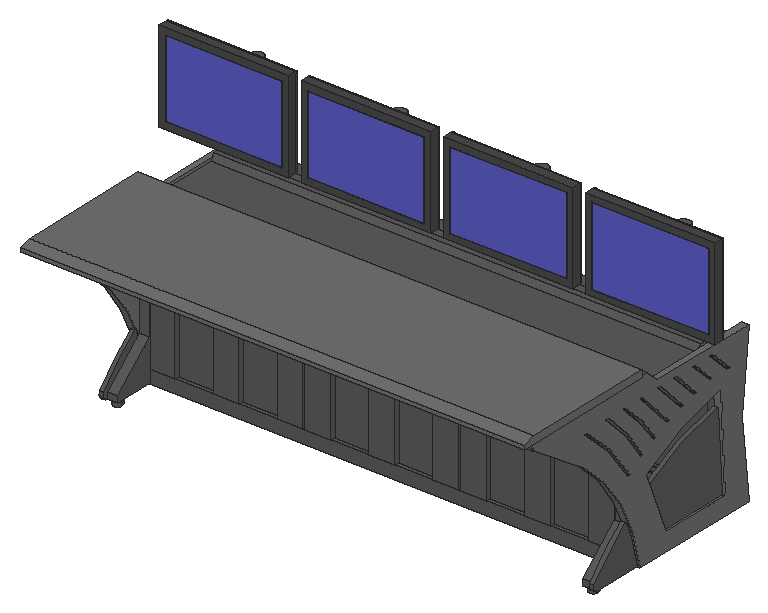
Revit family
Parameters (values of type "72" Chase")
  Worksurface Material = Truform PVC - Winsted Corporation - SG - Shark Grey
  Width = 3' - 7 3/4"
  VIZ 48" = or(Length = 4' 6", Length = 6' 6")  # yes
  VIZ 72" = Length = 6' 6"  # yes
  URL = "www.winsted.com"
  Type Comments = "72 Inch Sight-Line Console"
  Side Panel Material = Truform PVC - Winsted Corporation - SG - Shark Grey
  Product Page URL = "http://catalog2012.winsted.com/full.asp?page=12"
  Product Documentation Link = "http://winsted.com/resources_ae_a4.htm"
  No of Monitor Posts = 4
  No of Brackets = Length / 2' 0" + 1  # 4
  Monitor Post Spacing = if(or(Length = 6' 6", Length = 4' 6"), ((Length - 0' 6") - 2 * Monitor Post Offset) / (No of Monitor Posts - 1), 0' 0 3/256")  # 1' - 10"
  Monitor Post Offset = 0' - 3"
  Model = "W5721"
  Manufacturer = "Winsted Corporation"  # constant formula
  Length = 6' - 6"
  Keynote = "72 Inch Sight-Line Console"
  Height = 2' - 4 1/2"
  Description = "72 Inch Sight-Line Console comes with four monitor mounts."
  Console Material = Powder Coating - Winsted Corporation - BL - Black
  Assembly Code = "E2020200"
Reference planes (in)
  plane 1 "Center Front/Back": y = 0
  plane 2: z = 0
  plane 3 "Center Left/Right": x = 0
  plane 4 "Left Side": x = -39
  plane 5 "Right Side": x = 39
  plane 6 "Chase Right": x = 36
  plane 7 "Chase Left": x = -36
  plane 8 "Front Side": y = -43.75
  plane 9: z = 28.5
  plane 10 "End Frame Left": x = -37.625
  plane 11 "End Frame Right": x = 37.625
  plane 12 "End Panel Left": x = -38.625
  plane 13 "End Panel Right": x = 38.625
  plane 14 "WS Base": z = 27.375
  plane 15 "WS Rear": y = -21
  plane 16 "Chase Base": z = 0.875
  plane 17: y = -28.6875
  plane 18: y = -1.5503
  plane 19: y = -22.5503
  plane 20: z = 24.375
  plane 21: z = 22.281
  plane 22: z = 2.969
  plane 23: x = -38.25
  plane 24: x = 38.25
  plane 25: x = -36.8125
  plane 26: x = 36.8125
  plane 27: y = -27.625
  plane 28: y = -2.8003
  plane 29: z = 0.5625
Forms (in)
  Extrusion 1, solid, material "Truform PVC - Winsted Corporation - SG - Shark Grey" <- "Worksurface Material", detail levels medium+fine
    sketch origin (-39, 0, 0) x (0, 1, 0) y (0, 0, 1)
      loop
        line (-21, 27.375) -> (-21, 28.5) -> (-41.99681, 28.5) -> (-43.75, 27.93698) -> (-43.75, 27.375) -> (-21, 27.375)
    from 0 to 78
  Sweep 2, solid, material "Powder Coating - Winsted Corporation - BL - Black" <- "Console Material", detail levels medium+fine
    path origin (0, -22.5503, 24.375) x (-1, 0, 0) y (0, -1, 0)
      loop
        line (36, 0) -> (-36, 0)
    profile origin (-36, -22.5503, 24.375) x (0, 1, 0) y (0, 0, 1)
      loop
        line (19.09, -0.75) -> (19.09, -0.6454) -> (18.8446, -0.6454) -> (18.8446, -0.1046) -> (20.8954, -0.1046) -> (20.8954, -1.9894) -> (19.396, -1.9894) -> (19.396, -2.094) -> (21, -2.094) -> (21, 0) -> (18.74, 0) -> (18.74, -0.75) -> (19.09, -0.75)
      loop
        line (19.09, -22.75) -> (18.74, -22.75) -> (18.74, -23.5) -> (21, -23.5) -> (21, -21.406) -> (19.396, -21.406) -> (19.396, -21.5106) -> (20.8954, -21.5106) -> (20.8954, -23.3954) -> (18.8446, -23.3954) -> (18.8446, -22.8546) -> (19.09, -22.8546) -> (19.09, -22.75)
      loop
        line (1.91, -0.6454) -> (1.91, -0.75) -> (2.26, -0.75) -> (2.26, 0) -> (0, 0) -> (0, -2.094) -> (1.604, -2.094) -> (1.604, -1.9894) -> (0.1046, -1.9894) -> (0.1046, -0.1046) -> (2.1554, -0.1046) -> (2.1554, -0.6454) -> (1.91, -0.6454)
      loop
        line (1.91, -22.8546) -> (2.1554, -22.8546) -> (2.1554, -23.3954) -> (0.1046, -23.3954) -> (0.1046, -21.5106) -> (1.604, -21.5106) -> (1.604, -21.406) -> (0, -21.406) -> (0, -23.5) -> (2.26, -23.5) -> (2.26, -22.75) -> (1.91, -22.75) -> (1.91, -22.8546)
  Sweep 3, solid, material "Powder Coating - Winsted Corporation - BL - Black" <- "Console Material", detail levels medium+fine
    path origin (0, -22.5503, 24.375) x (-1, 0, 0) y (0, -1, 0)
      loop
        line (37.625, 0) -> (-37.625, 0)
    profile origin (-37.625, -22.5503, 24.375) x (0, 1, 0) y (0, 0, 1)
      loop
        line (0, 0) -> (1.89072, 0) -> (1.89072, 2.94321) -> (2.85254, 2.94321) -> (5.30543, 0.52928) -> (5.47988, 0.67831) -> (13.8629, 0.67831) -> (14.61119, 1.42954) -> (15.55227, 1.42954) -> (15.55227, 1.49204) -> (14.58523, 1.49204) -> (13.83694, 0.74081) -> (5.45682, 0.74081) -> (5.30841, 0.61403) -> (2.88393, 3) -> (1.82822, 3) -> (1.82822, 0.0625) -> (0, 0.0625) -> (0, 0)
      loop
        line (15.56488, 0.24902) -> (15.56488, -1.25) -> (18.5659, -1.25) -> (18.5659, 0.24902) -> (15.56488, 0.24902)
  Sweep 4, solid, material "Powder Coating - Winsted Corporation - BL - Black" <- "Console Material", detail levels fine
    path origin (0, 0, 0.875) x (0, 1, 0) y (-1, 0, 0)
      loop
        line (-22.5503, 36) -> (-22.5503, -36)
    profile origin (-36, -22.5503, 0.875) x (0, 1, 0) y (0, 0, 1)
      loop
        line (19.33614, 0.26631) -> (19.39314, 0.26631) -> (19.39314, 0.89631) -> (1.64314, 0.89631) -> (1.64314, 0.26631) -> (1.70614, 0.26631) -> (1.70614, 0.82831) -> (19.33614, 0.82831) -> (19.33614, 0.26631)
  Sweep 5, solid, material "Powder Coating - Winsted Corporation - BL - Black" <- "Console Material", detail levels fine
    path origin (0, -22.5503, 7.35044) x (0, 0, -1) y (-1, 0, 0)
      loop
        line (-14.93056, 36) -> (4.38144, 36)
    profile origin (-36, -22.5503, 22.281) x (0, 1, 0) y (-1, 0, 0)
      loop
        line (21, -23.81295) -> (21, -19.81296) -> (20.325, -19.81296) -> (20.325, -13.90647) -> (21, -13.90647) -> (21, -9.90648) -> (20.325, -9.90648) -> (20.325, -3.99999) -> (21, -3.99999) -> (21, 0) -> (20, 0) -> (20, -23.80935) -> (21, -23.81295)
      loop
        line (0, -23.81295) -> (1, -23.80935) -> (1, 0) -> (0, 0) -> (0, -3.99999) -> (0.675, -3.99999) -> (0.675, -9.90648) -> (0, -9.90648) -> (0, -13.90647) -> (0.675, -13.90647) -> (0.675, -19.81296) -> (0, -19.81296) -> (0, -23.81295)
  Sweep 6, solid, material "Powder Coating - Winsted Corporation - BL - Black" <- "Console Material", visible <- "VIZ 72"", detail levels fine
    path origin (24.09352, -22.5503, 7.35044) x (0, 0, -1) y (-1, 0, 0)
      loop
        line (-14.93056, 24.09352) -> (4.38144, 24.09352)
    profile origin (0, -22.5503, 22.281) x (0, 1, 0) y (-1, 0, 0)
      loop
        line (21, -11.90648) -> (21, -7.90648) -> (20.325, -7.90648) -> (20.325, -2) -> (21, -2) -> (21, 2) -> (20.325, 2) -> (20.325, 7.90648) -> (21, 7.90648) -> (21, 11.90648) -> (20, 11.90648) -> (20, -11.90287) -> (21, -11.90648)
      loop
        line (0, -11.90648) -> (1, -11.90287) -> (1, 11.90648) -> (0, 11.90648) -> (0, 7.90648) -> (0.675, 7.90648) -> (0.675, 2) -> (0, 2) -> (0, -2) -> (0.675, -2) -> (0.675, -7.90648) -> (0, -7.90648) -> (0, -11.90648)
  Sweep 7, solid, material "Powder Coating - Winsted Corporation - BL - Black" <- "Console Material", visible <- "VIZ 48"", detail levels fine
    path origin (0, -22.5503, 7.35044) x (0, 0, -1) y (-1, 0, 0)
      loop
        line (-14.93056, -36) -> (4.38144, -36)
    profile origin (36, -22.5503, 22.281) x (0, 1, 0) y (-1, 0, 0)
      loop
        line (21, 23.81295) -> (20, 23.80935) -> (20, 0) -> (21, 0) -> (21, 3.99999) -> (20.325, 3.99999) -> (20.325, 9.90648) -> (21, 9.90648) -> (21, 13.90647) -> (20.325, 13.90647) -> (20.325, 19.81296) -> (21, 19.81296) -> (21, 23.81295)
      loop
        line (0, 23.81295) -> (0, 19.81296) -> (0.675, 19.81296) -> (0.675, 13.90647) -> (0, 13.90647) -> (0, 9.90648) -> (0.675, 9.90648) -> (0.675, 3.99999) -> (0, 3.99999) -> (0, 0) -> (1, 0) -> (1, 23.80935) -> (0, 23.81295)
  Extrusion 8, solid, material "Powder Coating - Winsted Corporation - BL - Black" <- "Console Material", detail levels fine
    sketch origin (-37.625, 60, 48) x (0, 1, 0) y (0, 0, 1)
      loop
        line (-80.72208, -20.625) -> (-94.5733, -20.625) -> (-82.58788, -23.5625) -> (-80.72208, -23.5625) -> (-80.72208, -20.625)
    from 0 to 1
  Extrusion 9, solid, material "Powder Coating - Winsted Corporation - BL - Black" <- "Console Material", detail levels fine
    sketch origin (36.625, 60, 48) x (0, 1, 0) y (0, 0, 1)
      loop
        line (-80.72208, -20.625) -> (-94.5733, -20.625) -> (-82.58788, -23.5625) -> (-80.72208, -23.5625) -> (-80.72208, -20.625)
    from 0 to 1
  Extrusion 10, solid, material "Powder Coating - Winsted Corporation - BL - Black" <- "Console Material", detail levels medium+fine
    sketch origin (0, 0, 0) x (1, 0, 0) y (0, 1, 0)
      loop
        circle (-36.8125, -2.8003) r 0.6875
    from 0 to 0.5625
  Extrusion 11, solid, material "Powder Coating - Winsted Corporation - BL - Black" <- "Console Material", detail levels medium+fine
    sketch origin (0, 51.606, 0.5625) x (0, 1, 0) y (-1, 0, 0)
      loop
        circle (-54.4063, 36.8125) r 0.25
    from 0 to 0.3125
  Extrusion 12, solid, material "Powder Coating - Winsted Corporation - BL - Black" <- "Console Material", detail levels medium+fine
    sketch origin (0, -24.8247, 0) x (1, 0, 0) y (0, 1, 0)
      loop
        circle (-36.8125, -2.8003) r 0.6875
    from 0 to 0.5625
  Extrusion 13, solid, material "Powder Coating - Winsted Corporation - BL - Black" <- "Console Material", detail levels medium+fine
    sketch origin (0, 26.7813, 0.5625) x (0, 1, 0) y (-1, 0, 0)
      loop
        circle (-54.4063, 36.8125) r 0.25
    from 0 to 0.3125
  Extrusion 14, solid, material "Powder Coating - Winsted Corporation - BL - Black" <- "Console Material", detail levels medium+fine
    sketch origin (73.625, -24.8247, 0) x (1, 0, 0) y (0, 1, 0)
      loop
        circle (-36.8125, -2.8003) r 0.6875
    from 0 to 0.5625
  Extrusion 15, solid, material "Powder Coating - Winsted Corporation - BL - Black" <- "Console Material", detail levels medium+fine
    sketch origin (73.625, 26.7813, 0.5625) x (0, 1, 0) y (-1, 0, 0)
      loop
        circle (-54.4063, 36.8125) r 0.25
    from 0 to 0.3125
  Extrusion 16, solid, material "Powder Coating - Winsted Corporation - BL - Black" <- "Console Material", detail levels medium+fine
    sketch origin (73.625, 0, 0) x (1, 0, 0) y (0, 1, 0)
      loop
        circle (-36.8125, -2.8003) r 0.6875
    from 0 to 0.5625
  Extrusion 17, solid, material "Powder Coating - Winsted Corporation - BL - Black" <- "Console Material", detail levels medium+fine
    sketch origin (73.625, 51.606, 0.5625) x (0, 1, 0) y (-1, 0, 0)
      loop
        circle (-54.4063, 36.8125) r 0.25
    from 0 to 0.3125
  Extrusion 18, solid, material "Powder Coating - Winsted Corporation - BL - Black" <- "Console Material", detail levels coarse
    sketch origin (0, 0, 0) x (1, 0, 0) y (0, 1, 0)
      loop
        line (-39, 0) -> (-39, -43.75) -> (39, -43.75) -> (39, 0) -> (-39, 0)
    from 0 to 28.5
  Sweep 19, solid, material "Truform PVC - Winsted Corporation - SG - Shark Grey" <- "Side Panel Material", detail levels medium+fine
    path origin (0, 0, 0) x (1, 0, 0) y (0, 1, 0)
      loop
        line (-37.625, 0) -> (-38.625, 0)
    profile origin (-38.125, 0, 0) x (0, -1, 0) y (0, 0, 1)
      loop
        line (41.03304, 27.375) -> (19.66637, 27.375) -> (17.66485, 25.40527) -> (-0.00386, 25.40527)
        arc (-0.00386, 25.40527) -> (1.20558, 13.14014) -> (-0.00386, 0.875) r 62.79641
        line (-0.00386, 0.875) -> (21.02642, 0.875)
        arc (21.02642, 0.875) -> (24.70933, 11.19995) -> (31.83691, 19.52856) r 30.18289
        line (31.83691, 19.52856) -> (41.44873, 26.00781)
        arc (41.44873, 26.00781) -> (41.74753, 26.84545) -> (41.03304, 27.375) r 0.74679
      loop
        line (4.62012, 3.71826) -> (15.99854, 3.71826)
        arc (15.99854, 3.71826) -> (17.6989, 8.54121) -> (19.79443, 13.20605) r 61.44575
        arc (19.79443, 13.20605) -> (12.86539, 16.7415) -> (5.37891, 18.85421) r 39.60031
        arc (5.37891, 18.85421) -> (5.35251, 11.26854) -> (4.62012, 3.71826) r 81.40343
      loop
        line (7.5625, 24.36768) -> (7, 24.37207)
        arc (7, 24.37207) -> (5.27394, 22.72095) -> (3.64404, 20.97485) r 42.2132
        line (3.64404, 20.97485) -> (4.14795, 20.97485)
        arc (4.14795, 20.97485) -> (5.8021, 22.72473) -> (7.5625, 24.36768) r 38.46712
      loop
        line (10.94385, 24.36621) -> (10.38135, 24.37061)
        arc (10.38135, 24.37061) -> (8.65529, 22.71949) -> (7.02539, 20.97339) r 42.2132
        line (7.02539, 20.97339) -> (7.5293, 20.97339)
        arc (7.5293, 20.97339) -> (9.18345, 22.72326) -> (10.94385, 24.36621) r 38.46712
      loop
        line (14.5835, 24.36816) -> (14.02051, 24.3728)
        arc (14.02051, 24.3728) -> (12.02997, 22.45459) -> (10.17334, 20.40649) r 40.96486
        line (10.17334, 20.40649) -> (10.5835, 20.30151)
        arc (10.5835, 20.30151) -> (12.50493, 22.41212) -> (14.5835, 24.36816) r 36.95997
      loop
        line (17.68701, 24.37256) -> (17.12793, 24.36694)
        arc (17.12793, 24.36694) -> (14.82712, 22.1054) -> (12.69287, 19.68604) r 45.35976
        line (12.69287, 19.68604) -> (13.06738, 19.56812)
        arc (13.06738, 19.56812) -> (15.2962, 22.04822) -> (17.68701, 24.37256) r 49.47622
      loop
        line (21.06104, 24.37061) -> (20.49805, 24.37524)
        arc (20.49805, 24.37524) -> (17.78996, 21.66316) -> (15.32715, 18.72656) r 44.1757
        line (15.32715, 18.72656) -> (15.68359, 18.58691)
        arc (15.68359, 18.58691) -> (18.22744, 21.61346) -> (21.06104, 24.37061) r 39.50829
      loop
        line (24.44189, 24.3689) -> (23.87207, 24.37354)
        arc (23.87207, 24.37354) -> (20.6836, 21.15692) -> (17.88184, 17.59839) r 39.73986
        line (17.88184, 17.59839) -> (18.21582, 17.43701)
        arc (18.21582, 17.43701) -> (21.12386, 21.08708) -> (24.44189, 24.3689) r 39.52041
      loop
        line (27.81592, 24.36743) -> (27.24609, 24.37207)
        arc (27.24609, 24.37207) -> (23.53278, 20.5518) -> (20.37061, 16.26416) r 39.27757
        line (20.37061, 16.26416) -> (20.68848, 16.08276)
        arc (20.68848, 16.08276) -> (23.95579, 20.4801) -> (27.81592, 24.36743) r 38.37755
      loop
        line (31.74561, 24.03979) -> (31.18604, 24.06006)
        arc (31.18604, 24.06006) -> (26.68445, 19.6846) -> (22.9541, 14.6355) r 38.48474
        line (22.9541, 14.6355) -> (23.23975, 14.41748)
        arc (23.23975, 14.41748) -> (27.08887, 19.5856) -> (31.74561, 24.03979) r 38.52314
  Sweep 20, solid, material "Truform PVC - Winsted Corporation - SG - Shark Grey" <- "Side Panel Material", detail levels medium+fine
    path origin (0, 0, 0) x (-1, 0, 0) y (0, 1, 0)
      loop
        line (-37.625, 0) -> (-38.625, 0)
    profile origin (38.125, 0, 0) x (0, 1, 0) y (0, 0, 1)
      loop
        arc (-41.03304, 27.375) -> (-41.74753, 26.84545) -> (-41.44873, 26.00781) r 0.74679
        line (-41.44873, 26.00781) -> (-31.83691, 19.52856)
        arc (-31.83691, 19.52856) -> (-24.70933, 11.19995) -> (-21.02642, 0.875) r 30.18289
        line (-21.02642, 0.875) -> (0.00386, 0.875)
        arc (0.00386, 0.875) -> (-1.20558, 13.14014) -> (0.00386, 25.40527) r 62.79641
        line (0.00386, 25.40527) -> (-17.66485, 25.40527) -> (-19.66637, 27.375) -> (-41.03304, 27.375)
      loop
        arc (-4.62012, 3.71826) -> (-5.35251, 11.26854) -> (-5.37891, 18.85421) r 81.40343
        arc (-5.37891, 18.85421) -> (-12.86539, 16.7415) -> (-19.79443, 13.20605) r 39.60031
        arc (-19.79443, 13.20605) -> (-17.6989, 8.54121) -> (-15.99854, 3.71826) r 61.44575
        line (-15.99854, 3.71826) -> (-4.62012, 3.71826)
      loop
        arc (-7.5625, 24.36768) -> (-5.8021, 22.72473) -> (-4.14795, 20.97485) r 38.46712
        line (-4.14795, 20.97485) -> (-3.64404, 20.97485)
        arc (-3.64404, 20.97485) -> (-5.27394, 22.72095) -> (-7, 24.37207) r 42.2132
        line (-7, 24.37207) -> (-7.5625, 24.36768)
      loop
        arc (-10.94385, 24.36621) -> (-9.18345, 22.72326) -> (-7.5293, 20.97339) r 38.46712
        line (-7.5293, 20.97339) -> (-7.02539, 20.97339)
        arc (-7.02539, 20.97339) -> (-8.65529, 22.71949) -> (-10.38135, 24.37061) r 42.2132
        line (-10.38135, 24.37061) -> (-10.94385, 24.36621)
      loop
        arc (-14.5835, 24.36816) -> (-12.50493, 22.41212) -> (-10.5835, 20.30151) r 36.95997
        line (-10.5835, 20.30151) -> (-10.17334, 20.40649)
        arc (-10.17334, 20.40649) -> (-12.02997, 22.45459) -> (-14.02051, 24.3728) r 40.96486
        line (-14.02051, 24.3728) -> (-14.5835, 24.36816)
      loop
        arc (-17.68701, 24.37256) -> (-15.2962, 22.04822) -> (-13.06738, 19.56812) r 49.47622
        line (-13.06738, 19.56812) -> (-12.69287, 19.68604)
        arc (-12.69287, 19.68604) -> (-14.82712, 22.1054) -> (-17.12793, 24.36694) r 45.35976
        line (-17.12793, 24.36694) -> (-17.68701, 24.37256)
      loop
        arc (-21.06104, 24.37061) -> (-18.22744, 21.61346) -> (-15.68359, 18.58691) r 39.50829
        line (-15.68359, 18.58691) -> (-15.32715, 18.72656)
        arc (-15.32715, 18.72656) -> (-17.78996, 21.66316) -> (-20.49805, 24.37524) r 44.1757
        line (-20.49805, 24.37524) -> (-21.06104, 24.37061)
      loop
        arc (-24.44189, 24.3689) -> (-21.12386, 21.08708) -> (-18.21582, 17.43701) r 39.52041
        line (-18.21582, 17.43701) -> (-17.88184, 17.59839)
        arc (-17.88184, 17.59839) -> (-20.6836, 21.15692) -> (-23.87207, 24.37354) r 39.73986
        line (-23.87207, 24.37354) -> (-24.44189, 24.3689)
      loop
        arc (-27.81592, 24.36743) -> (-23.95579, 20.4801) -> (-20.68848, 16.08276) r 38.37755
        line (-20.68848, 16.08276) -> (-20.37061, 16.26416)
        arc (-20.37061, 16.26416) -> (-23.53278, 20.5518) -> (-27.24609, 24.37207) r 39.27757
        line (-27.24609, 24.37207) -> (-27.81592, 24.36743)
      loop
        arc (-31.74561, 24.03979) -> (-27.08887, 19.5856) -> (-23.23975, 14.41748) r 38.52314
        line (-23.23975, 14.41748) -> (-22.9541, 14.6355)
        arc (-22.9541, 14.6355) -> (-26.68445, 19.6846) -> (-31.18604, 24.06006) r 38.48474
        line (-31.18604, 24.06006) -> (-31.74561, 24.03979)
  Sweep 21, solid, material "Powder Coating - Winsted Corporation - BL - Black" <- "Console Material", detail levels medium+fine
    path origin (0, 0, 0) x (1, 0, 0) y (0, 1, 0)
      loop
        line (-37.625, -1.5503) -> (-36, -1.5503)
    profile origin (-36.8125, -1.5503, 0) x (0, 1, 0) y (0, 0, 1)
      loop
        line (0, 0.875) -> (0, 24.375) -> (-2.25, 24.375) -> (-2.25, 23.125) -> (-13.875, 23.125) -> (-13.875, 24.375) -> (-21, 24.375) -> (-21, 7.35044) -> (-27.1372, 1.8336) -> (-27.1372, 0.875) -> (0, 0.875)
      loop
        line (-18.24999, 3.44055) -> (-3.05801, 3.44055) -> (-3.05801, 20.875) -> (-18.25013, 20.875) -> (-18.24999, 3.44055)
  Sweep 22, solid, material "Powder Coating - Winsted Corporation - BL - Black" <- "Console Material", detail levels medium+fine
    path origin (0, 0, 0) x (-1, 0, 0) y (0, 1, 0)
      loop
        line (-37.625, -1.5503) -> (-36, -1.5503)
    profile origin (36.8125, -1.5503, 0) x (0, -1, 0) y (0, 0, 1)
      loop
        line (0, 0.875) -> (27.1372, 0.875) -> (27.1372, 1.8336) -> (21, 7.35044) -> (21, 24.375) -> (13.875, 24.375) -> (13.875, 23.125) -> (2.25, 23.125) -> (2.25, 24.375) -> (0, 24.375) -> (0, 0.875)
      loop
        line (18.24999, 3.44055) -> (18.25013, 20.875) -> (3.05801, 20.875) -> (3.05801, 3.44055) -> (18.24999, 3.44055)
  Sweep 23, solid, material "Powder Coating - Winsted Corporation - BL - Black" <- "Console Material", detail levels fine
    path origin (0, 0, 0) x (1, 0, 0) y (0, 1, 0)
      loop
        line (-38.25, 0) -> (-37.625, 0)
    profile origin (-37.9375, 0, 0) x (0, 1, 0) y (0, 0, 1)
      loop
        line (-28.67129, 0.875) -> (-21.02642, 0.875)
        arc (-21.02642, 0.875) -> (-21.86574, 4.57707) -> (-23.1631, 8.14451) r 30.18289
        arc (-23.1631, 8.14451) -> (-26.40516, 5.25248) -> (-29.30898, 2.021) r 39.3879
        arc (-29.30898, 2.021) -> (-29.32129, 1.26372) -> (-28.67129, 0.875) r 0.7568
      loop
        line (-15.99854, 3.71655) -> (-4.62012, 3.71655)
        arc (-4.62012, 3.71655) -> (-5.27412, 9.9228) -> (-5.45076, 16.16092) r 81.40368
        arc (-5.45076, 16.16092) -> (-12.36426, 14.27553) -> (-18.8209, 11.167) r 39.32924
        arc (-18.8209, 11.167) -> (-17.28886, 7.48756) -> (-15.99854, 3.71655) r 61.45567
  Sweep 24, solid, material "Powder Coating - Winsted Corporation - BL - Black" <- "Console Material", detail levels fine
    path origin (0, 0, 0) x (-1, 0, 0) y (0, 1, 0)
      loop
        line (-38.25, 0) -> (-37.625, 0)
    profile origin (37.9375, 0, 0) x (0, -1, 0) y (0, 0, 1)
      loop
        arc (28.67129, 0.875) -> (29.32129, 1.26372) -> (29.30898, 2.021) r 0.7568
        arc (29.30898, 2.021) -> (26.40516, 5.25248) -> (23.1631, 8.14451) r 39.3879
        arc (23.1631, 8.14451) -> (21.86574, 4.57707) -> (21.02642, 0.875) r 30.18289
        line (21.02642, 0.875) -> (28.67129, 0.875)
      loop
        arc (15.99854, 3.71655) -> (17.28886, 7.48756) -> (18.8209, 11.167) r 61.45567
        arc (18.8209, 11.167) -> (12.36426, 14.27553) -> (5.45076, 16.16092) r 39.32924
        arc (5.45076, 16.16092) -> (5.27412, 9.9228) -> (4.62012, 3.71655) r 81.40368
        line (4.62012, 3.71655) -> (15.99854, 3.71655)
  Extrusion 25, solid, material "Powder Coating - Winsted Corporation - BL - Black" <- "Console Material", detail levels fine
    sketch origin (-12.875, 60, 48) x (0, 1, 0) y (0, 0, 1)
      loop
        line (-80.72208, -20.625) -> (-94.5733, -20.625) -> (-82.58788, -23.5625) -> (-80.72208, -23.5625) -> (-80.72208, -20.625)
    from 0 to 1
  Extrusion 26, solid, material "Powder Coating - Winsted Corporation - BL - Black" <- "Console Material", detail levels fine
    sketch origin (11.875, 60, 48) x (0, 1, 0) y (0, 0, 1)
      loop
        line (-80.72208, -20.625) -> (-94.5733, -20.625) -> (-82.58788, -23.5625) -> (-80.72208, -23.5625) -> (-80.72208, -20.625)
    from 0 to 1
Lines and regions (in)
  Masking region 1
    outline origin (0, 0, 0) x (1, 0, 0) y (0, 1, 0)
      loop
        line (37.625, -1.5503) -> (-37.625, -1.5503) -> (-37.625, 0.00386) -> (-38.625, 0.00386) -> (-38.625, -21) -> (-39, -21) -> (-39, -43.75) -> (39, -43.75) -> (39, -21) -> (38.625, -21) -> (38.625, 0) -> (37.625, 0) -> (37.625, -1.5503)
  Masking region 2
    outline origin (-39, 0, 0) x (0, 1, 0) y (0, 0, 1)
      loop
        arc (0.00386, 0.875) -> (-1.20558, 13.14014) -> (0.00386, 25.40527) r 62.79641
        line (0.00386, 25.40527) -> (-17.66485, 25.40527) -> (-19.66637, 27.375) -> (-21, 27.375) -> (-21, 28.5) -> (-41.99681, 28.5) -> (-43.75, 27.93698) -> (-43.75, 27.375) -> (-41.03304, 27.375)
        arc (-41.03304, 27.375) -> (-41.74753, 26.84545) -> (-41.44873, 26.00781) r 0.74679
        line (-41.44873, 26.00781) -> (-31.83691, 19.52856)
        arc (-31.83691, 19.52856) -> (-26.8155, 14.35808) -> (-23.1631, 8.14451) r 30.18289
        arc (-23.1631, 8.14451) -> (-26.40516, 5.25248) -> (-29.30898, 2.021) r 39.3879
        arc (-29.30898, 2.021) -> (-29.32129, 1.26372) -> (-28.67129, 0.875) r 0.7568
        line (-28.67129, 0.875) -> (0.00386, 0.875)
  Masking region 3
    outline origin (0, -43.75, 0) x (1, 0, 0) y (0, 0, 1)
      loop
        line (-39, 28.5) -> (-39, 27.375) -> (-38.625, 27.375) -> (-38.625, 0.875) -> (38.625, 0.875) -> (38.625, 27.375) -> (39, 27.375) -> (39, 28.5) -> (-39, 28.5)
  symbolic lines, detail levels medium+fine
    curve 1: line (-39, -41.99681, 0) -> (39, -41.99681, 0)
    curve 2: line (-37.625, -21, 0) -> (-37.625, -1.5503, 0)
    curve 3: line (38.625, -21, 0) -> (-38.625, -21, 0)
    curve 4: line (37.625, -1.5503, 0) -> (37.625, -21, 0)
    curve 14: line (37.625, -6.99803, 0) -> (-37.625, -6.99803, 0)
    curve 15: line (37.625, -3.9844, 0) -> (-37.625, -3.9844, 0)
    curve 19: arc (-39, -5.37891, 18.85421) -> (-39, -5.35251, 11.26854) -> (-39, -4.62012, 3.71826) r 81.40343
    curve 20: arc (-39, -19.79443, 13.20605) -> (-39, -12.86539, 16.7415) -> (-39, -5.37891, 18.85421) r 39.60031
    curve 21: arc (-39, -15.99854, 3.71826) -> (-39, -17.6989, 8.54121) -> (-39, -19.79443, 13.20605) r 61.44575
    curve 22: line (-39, -4.62012, 3.71826) -> (-39, -15.99854, 3.71826)
    curve 23: line (-39, -41.03304, 27.375) -> (-39, -21, 27.375)
    curve 24: line (-39, -3.4878, 0) -> (-39, -2.1128, 0)
    curve 25: line (-39, -2.1128, 0.5625) -> (-39, -3.4878, 0.5625)
    curve 26: line (-39, -3.4878, 0) -> (-39, -3.4878, 0.5625)
    curve 27: line (-39, -2.1128, 0) -> (-39, -2.1128, 0.5625)
    curve 28: line (-39, -3.0503, 0.875) -> (-39, -3.0503, 0.5625)
    curve 29: line (-39, -2.5503, 0.875) -> (-39, -2.5503, 0.5625)
    curve 30: line (-39, -28.3125, 0) -> (-39, -26.9375, 0)
    curve 31: line (-39, -26.9375, 0.5625) -> (-39, -28.3125, 0.5625)
    curve 32: line (-39, -28.3125, 0) -> (-39, -28.3125, 0.5625)
    curve 33: line (-39, -26.9375, 0) -> (-39, -26.9375, 0.5625)
    curve 34: line (-39, -27.875, 0.875) -> (-39, -27.875, 0.5625)
    curve 35: line (-39, -27.375, 0.5625) -> (-39, -27.375, 0.875)
    curve 69: arc (-39, -23.1631, 8.14451) -> (-39, -21.86574, 4.57707) -> (-39, -21.02642, 0.875) r 30.18289
    curve 73: line (-37.625, -22.5503, 27.375) -> (-37.625, -22.5503, 0.875)
    curve 74: line (38.625, -22.5503, 27.375) -> (-38.625, -22.5503, 27.375)
    curve 75: line (37.625, -22.5503, 0.875) -> (37.625, -22.5503, 27.375)
    curve 76: line (-36, -22.5503, 24.375) -> (-36, -22.5503, 0.875)
    curve 77: line (36, -22.5503, 0.875) -> (36, -22.5503, 24.375)
    curve 78: line (37.625, -22.5503, 24.375) -> (-37.625, -22.5503, 24.375)
    curve 79: line (-36.125, -22.5503, 0) -> (-37.5, -22.5503, 0)
    curve 80: line (-37.5, -22.5503, 0.5625) -> (-36.125, -22.5503, 0.5625)
    curve 81: line (-36.125, -22.5503, 0.5625) -> (-36.125, -22.5503, 0)
    curve 82: line (-37.5, -22.5503, 0.5625) -> (-37.5, -22.5503, 0)
    curve 83: line (-36.5625, -22.5503, 0.875) -> (-36.5625, -22.5503, 0.5625)
    curve 84: line (-37.0625, -22.5503, 0.875) -> (-37.0625, -22.5503, 0.5625)
    curve 85: line (37.5, -22.5503, 0) -> (36.125, -22.5503, 0)
    curve 86: line (36.125, -22.5503, 0.5625) -> (37.5, -22.5503, 0.5625)
    curve 87: line (37.5, -22.5503, 0) -> (37.5, -22.5503, 0.5625)
    curve 88: line (36.125, -22.5503, 0) -> (36.125, -22.5503, 0.5625)
    curve 89: line (37.0625, -22.5503, 0.875) -> (37.0625, -22.5503, 0.5625)
    curve 90: line (36.5625, -22.5503, 0.875) -> (36.5625, -22.5503, 0.5625)
  symbolic lines, style "FurnitureHiddenLines", detail levels fine
    curve 5: line (-37.625, -28.6875, 0) -> (-36, -28.6875, 0)
    curve 6: line (-36, -28.6875, 0) -> (-36, -1.5503, 0)
    curve 7: line (-37.625, -28.6875, 0) -> (-37.625, -21, 0)
    curve 8: line (36, -1.5503, 0) -> (36, -28.6875, 0)
    curve 9: line (36, -28.6875, 0) -> (37.625, -28.6875, 0)
    curve 10: line (37.625, -28.6875, 0) -> (37.625, -21, 0)
    curve 11: line (-38.625, -21, 0) -> (-38.625, -41.77983, 0)
    curve 12: line (-37.625, -41.77983, 0) -> (-37.625, -28.6875, 0)
    curve 13: line (-37.625, -41.77983, 0) -> (-38.625, -41.77983, 0)
    curve 16: line (38.625, -41.77983, 0) -> (38.625, -21, 0)
    curve 17: line (37.625, -28.6875, 0) -> (37.625, -41.77983, 0)
    curve 18: line (38.625, -41.77983, 0) -> (37.625, -41.77983, 0)
    curve 70: line (-36, -2.5503, 0) -> (36, -2.5503, 0)
    curve 71: line (-36, -21.5503, 0) -> (36, -21.5503, 0)
    curve 72: line (-36, -22.5503, 0) -> (36, -22.5503, 0)
  symbolic lines, detail levels fine
    curve 36: arc (-39, -5.45051, 16.16096) -> (-39, -12.36414, 14.27557) -> (-39, -18.8209, 11.167) r 39.32924
    curve 37: arc (-39, -7, 24.37207) -> (-39, -5.27394, 22.72095) -> (-39, -3.64404, 20.97485) r 42.2132
    curve 38: line (-39, -7.5625, 24.36768) -> (-39, -7, 24.37207)
    curve 39: arc (-39, -4.14795, 20.97485) -> (-39, -5.8021, 22.72473) -> (-39, -7.5625, 24.36768) r 38.46712
    curve 40: line (-39, -3.64404, 20.97485) -> (-39, -4.14795, 20.97485)
    curve 41: line (-39, -10.94385, 24.36621) -> (-39, -10.38135, 24.37061)
    curve 42: arc (-39, -7.5293, 20.97339) -> (-39, -9.18345, 22.72326) -> (-39, -10.94385, 24.36621) r 38.46712
    curve 43: arc (-39, -10.38135, 24.37061) -> (-39, -8.65529, 22.71949) -> (-39, -7.02539, 20.97339) r 42.2132
    curve 44: line (-39, -7.02539, 20.97339) -> (-39, -7.5293, 20.97339)
    curve 45: line (-39, -14.5835, 24.36816) -> (-39, -14.02051, 24.3728)
    curve 46: arc (-39, -10.5835, 20.30151) -> (-39, -12.50493, 22.41212) -> (-39, -14.5835, 24.36816) r 36.95997
    curve 47: line (-39, -10.17334, 20.40649) -> (-39, -10.5835, 20.30151)
    curve 48: arc (-39, -14.02051, 24.3728) -> (-39, -12.02997, 22.45459) -> (-39, -10.17334, 20.40649) r 40.96486
    curve 49: line (-39, -17.68701, 24.37256) -> (-39, -17.12793, 24.36694)
    curve 50: arc (-39, -13.06738, 19.56812) -> (-39, -15.2962, 22.04822) -> (-39, -17.68701, 24.37256) r 49.47622
    curve 51: line (-39, -12.69287, 19.68604) -> (-39, -13.06738, 19.56812)
    curve 52: arc (-39, -17.12793, 24.36694) -> (-39, -14.82712, 22.1054) -> (-39, -12.69287, 19.68604) r 45.35976
    curve 53: line (-39, -21.06104, 24.37061) -> (-39, -20.49805, 24.37524)
    curve 54: arc (-39, -15.68359, 18.58691) -> (-39, -18.22744, 21.61346) -> (-39, -21.06104, 24.37061) r 39.50829
    curve 55: line (-39, -15.32715, 18.72656) -> (-39, -15.68359, 18.58691)
    curve 56: arc (-39, -20.49805, 24.37524) -> (-39, -17.78996, 21.66316) -> (-39, -15.32715, 18.72656) r 44.1757
    curve 57: line (-39, -24.44189, 24.3689) -> (-39, -23.87207, 24.37354)
    curve 58: arc (-39, -18.21582, 17.43701) -> (-39, -21.12386, 21.08708) -> (-39, -24.44189, 24.3689) r 39.52041
    curve 59: line (-39, -17.88184, 17.59839) -> (-39, -18.21582, 17.43701)
    curve 60: arc (-39, -23.87207, 24.37354) -> (-39, -20.6836, 21.15692) -> (-39, -17.88184, 17.59839) r 39.73986
    curve 61: line (-39, -27.81592, 24.36743) -> (-39, -27.24609, 24.37207)
    curve 62: arc (-39, -20.68848, 16.08276) -> (-39, -23.95579, 20.4801) -> (-39, -27.81592, 24.36743) r 38.37755
    curve 63: line (-39, -20.37061, 16.26416) -> (-39, -20.68848, 16.08276)
    curve 64: arc (-39, -27.24609, 24.37207) -> (-39, -23.53278, 20.5518) -> (-39, -20.37061, 16.26416) r 39.27757
    curve 65: line (-39, -31.74561, 24.03979) -> (-39, -31.18604, 24.06006)
    curve 66: arc (-39, -23.23975, 14.41748) -> (-39, -27.08887, 19.5856) -> (-39, -31.74561, 24.03979) r 38.52314
    curve 67: line (-39, -22.9541, 14.6355) -> (-39, -23.23975, 14.41748)
    curve 68: arc (-39, -31.18604, 24.06006) -> (-39, -26.68445, 19.6846) -> (-39, -22.9541, 14.6355) r 38.48474
    curve 91: line (-39, -22.5503, 27.93698) -> (39, -22.5503, 27.93698)
    curve 92: line (-32.00001, -22.5503, 22.281) -> (-32.00001, -22.5503, 2.969)
    curve 93: line (-26.09352, -22.5503, 2.969) -> (-26.09352, -22.5503, 22.281)
    curve 94: line (-22.09353, -22.5503, 22.281) -> (-22.09353, -22.5503, 2.969)
    curve 95: line (-16.18704, -22.5503, 2.969) -> (-16.18704, -22.5503, 22.281)
    curve 96: line (-12.18705, -22.5503, 2.969) -> (-12.18705, -22.5503, 22.281)
    curve 106: line (-36, -22.5503, 22.281) -> (36, -22.5503, 22.281)
    curve 107: line (-36, -22.5503, 2.969) -> (36, -22.5503, 2.969)
  symbolic lines, visible <- "VIZ 72"", detail levels fine
    curve 97: line (-7.90648, -22.5503, 22.281) -> (-7.90648, -22.5503, 2.969)
    curve 98: line (-2, -22.5503, 2.969) -> (-2, -22.5503, 22.281)
    curve 99: line (2, -22.5503, 22.281) -> (2, -22.5503, 2.969)
    curve 100: line (7.90648, -22.5503, 2.969) -> (7.90648, -22.5503, 22.281)
  symbolic lines, visible <- "VIZ 48"", detail levels fine
    curve 101: line (12.18705, -22.5503, 22.281) -> (12.18705, -22.5503, 2.969)
    curve 102: line (16.18704, -22.5503, 22.281) -> (16.18704, -22.5503, 2.969)
    curve 103: line (22.09353, -22.5503, 2.969) -> (22.09353, -22.5503, 22.281)
    curve 104: line (26.09352, -22.5503, 22.281) -> (26.09352, -22.5503, 2.969)
    curve 105: line (32.00001, -22.5503, 2.969) -> (32.00001, -22.5503, 22.281)
Dimensions and locks (in)
  equal spacing: plane 4 "Left Side", plane 3 "Center Left/Right", plane 5 "Right Side"
  "Length": plane 4 "Left Side" to plane 5 "Right Side"
  "Width": plane 8 "Front Side" to plane 1 "Center Front/Back"
  "Height": plane 9 to level
  locked: plane 4 "Left Side" to plane 7 "Chase Left" at 3
  locked: plane 6 "Chase Right" to plane 5 "Right Side" at 3
  locked: plane 9 to plane 14 "WS Base" at 1.125
  locked: plane 14 "WS Base" to plane 16 "Chase Base" at 26.5
  locked: plane 8 "Front Side" to plane 17 at 15.0625
  locked: plane 8 "Front Side" to plane 19 at 21.1997
  locked: plane 18 to plane 1 "Center Front/Back" at 1.5503
  locked: plane 5 "Right Side" to plane 13 "End Panel Right" at 0.375
  locked: plane 5 "Right Side" to plane 24 at 0.75
  locked: plane 5 "Right Side" to plane 11 "End Frame Right" at 1.375
  locked: plane 12 "End Panel Left" to plane 4 "Left Side" at 0.375
  locked: plane 23 to plane 4 "Left Side" at 0.75
  locked: plane 10 "End Frame Left" to plane 4 "Left Side" at 1.375
  equal spacing: group 1, group 5, group 6, group 2  (x3)
  locked: Extrusion 9 to plane 11 "End Frame Right"
  locked: Extrusion 8 to plane 10 "End Frame Left" at 0
  locked: plane 5 "Right Side" to plane 26 at 2.1875
  locked: plane 25 to plane 4 "Left Side" at 2.1875
  locked: plane 17 to plane 27 at 1.0625
  locked: plane 28 to plane 18 at 1.25
  locked: plane 29 to plane 2 at 0.5625
  "Monitor Post Offset": plane 7 "Chase Left" to nested 1
  equal spacing: group 3, group 4, group 7, group 8  (x3)
  "Monitor Post Spacing": nested 1 to nested 2
  aligned and locked: level to plane 2
  aligned and locked: Extrusion 1 sketch curve to plane 14 "WS Base"
  aligned and locked: plane 9 to Extrusion 1 sketch curve
  aligned and locked: plane 8 "Front Side" to Extrusion 1 sketch curve
  aligned and locked: plane 5 "Right Side" to Extrusion 1
  aligned and locked: Extrusion 1 to plane 4 "Left Side"
  aligned and locked: Extrusion 1 sketch curve to plane 15 "WS Rear"
  aligned and locked: plane 7 "Chase Left" to Sweep 2 sketch curve
  aligned and locked: plane 6 "Chase Right" to Sweep 2 sketch curve
  aligned and locked: Sweep 2 sketch curve to profile plane  (x2)
  aligned and locked: Sweep 2 sketch curve to plane 20
  aligned and locked: Sweep 2 sketch curve to plane 18
  aligned and locked: plane 18 to Sweep 2 sketch curve
  aligned and locked: plane 16 "Chase Base" to Sweep 2 sketch curve
  aligned and locked: Sweep 2 sketch curve to plane 16 "Chase Base"
  aligned and locked: Sweep 2 sketch curve to plane 19  (x2)
  aligned and locked: plane 10 "End Frame Left" to Sweep 3 sketch curve
  aligned and locked: plane 11 "End Frame Right" to Sweep 3 sketch curve
  aligned and locked: profile plane to Sweep 3 sketch curve
  aligned and locked: Sweep 3 to plane 19
  aligned and locked: plane 14 "WS Base" to Sweep 3 sketch curve
  aligned and locked: plane 14 "WS Base" to Sweep 3
  aligned and locked: plane 20 to Sweep 3
  aligned and locked: Sweep 3 sketch curve to plane 19
  aligned and locked: Sweep 4 sketch curve to plane 19
  aligned and locked: plane 7 "Chase Left" to Sweep 4 sketch curve
  aligned and locked: plane 6 "Chase Right" to Sweep 4 sketch curve
  aligned and locked: Sweep 5 sketch curve to plane 7 "Chase Left"  (x2)
  aligned and locked: plane 21 to Sweep 5 sketch curve
  aligned and locked: plane 22 to Sweep 5 sketch curve
  aligned and locked: plane 19 to Sweep 5 sketch curve  (x3)
  aligned and locked: plane 7 "Chase Left" to Sweep 5 sketch curve
  aligned and locked: Sweep 5 sketch curve to plane 18  (x3)
  aligned and locked: Sweep 6 sketch curve to plane 3 "Center Left/Right"
  aligned and locked: plane 21 to Sweep 6 sketch curve
  aligned and locked: plane 22 to Sweep 6 sketch curve
  aligned and locked: Sweep 7 sketch curve to plane 6 "Chase Right"
  aligned and locked: plane 21 to Sweep 7 sketch curve
  aligned and locked: plane 22 to Sweep 7 sketch curve
  aligned and locked: Sweep 7 to plane 18
  aligned and locked: plane 11 "End Frame Right" to Extrusion 9
  aligned and locked: Extrusion 8 to plane 10 "End Frame Left"
  aligned and locked: Extrusion 10 to plane 2
  aligned and locked: plane 29 to Extrusion 10
  aligned and locked: plane 28 to Extrusion 10  (x2)
  aligned and locked: Extrusion 11 to plane 29
  aligned and locked: plane 16 "Chase Base" to Extrusion 11
  aligned and locked: plane 25 to Extrusion 11  (x2)
  aligned and locked: plane 27 to Extrusion 12  (x2)
  aligned and locked: plane 25 to Extrusion 13
  aligned and locked: plane 2 to Extrusion 12
  aligned and locked: plane 29 to Extrusion 12
  aligned and locked: Extrusion 13 to plane 29
  aligned and locked: plane 16 "Chase Base" to Extrusion 13
  aligned and locked: plane 26 to Extrusion 15
  aligned and locked: plane 27 to Extrusion 14
  aligned and locked: plane 26 to Extrusion 17
  aligned and locked: plane 28 to Extrusion 16
  aligned and locked: plane 1 "Center Front/Back" to Extrusion 18 sketch curve
  aligned and locked: plane 4 "Left Side" to Extrusion 18 sketch curve
  aligned and locked: Extrusion 18 sketch curve to plane 8 "Front Side"
  aligned and locked: Extrusion 18 sketch curve to plane 5 "Right Side"
  aligned and locked: Extrusion 18 to plane 2
  aligned and locked: Masking region 1 sketch curve to Sweep 2
  aligned and locked: Extrusion 1 to Masking region 1 sketch curve
  aligned and locked: Masking region 1 sketch curve to Extrusion 1  (x4)
  aligned and locked: curve 1 to Extrusion 1
  aligned and locked: Masking region 2 sketch curve to Extrusion 1  (x5)
  aligned and locked: curve 24 to Extrusion 10
  aligned and locked: curve 25 to Extrusion 10
  aligned and locked: curve 28 to Extrusion 11
  aligned and locked: Extrusion 11 to curve 29
  aligned and locked: curve 30 to Extrusion 12
  aligned and locked: curve 31 to Extrusion 12
  aligned and locked: curve 34 to Extrusion 13
  aligned and locked: plane 7 "Chase Left" to curve 71
  aligned and locked: plane 6 "Chase Right" to curve 71
  aligned and locked: plane 7 "Chase Left" to curve 72
  aligned and locked: plane 6 "Chase Right" to curve 72
  aligned and locked: Masking region 3 sketch curve to Extrusion 1  (x4)
  aligned and locked: Extrusion 1 to Masking region 3 sketch curve
  aligned and locked: Masking region 3 sketch curve to Sweep 2
  aligned and locked: curve 79 to Extrusion 12
  aligned and locked: curve 80 to Extrusion 12
  aligned and locked: curve 81 to Extrusion 10
  aligned and locked: curve 82 to Extrusion 10
  aligned and locked: Extrusion 11 to curve 83
  aligned and locked: curve 84 to Extrusion 11
  aligned and locked: curve 85 to Extrusion 14
  aligned and locked: curve 86 to Extrusion 14
  aligned and locked: curve 87 to Extrusion 14
  aligned and locked: curve 88 to Extrusion 14
  aligned and locked: Extrusion 15 to curve 89
  aligned and locked: curve 90 to Extrusion 15
  aligned and locked: curve 92 to Sweep 5
  aligned and locked: curve 93 to Sweep 5
  aligned and locked: curve 94 to Sweep 5
  aligned and locked: curve 95 to Sweep 5
  aligned and locked: curve 96 to Sweep 5
  aligned and locked: curve 97 to Sweep 6
  aligned and locked: curve 98 to Sweep 6
  aligned and locked: curve 99 to Sweep 6
  aligned and locked: curve 100 to Sweep 6
  aligned and locked: curve 101 to Sweep 7
  aligned and locked: curve 102 to Sweep 7
  aligned and locked: curve 103 to Sweep 7
  aligned and locked: curve 104 to Sweep 7
  aligned and locked: curve 105 to Sweep 7
  aligned and locked: plane 7 "Chase Left" to curve 106
  aligned and locked: plane 6 "Chase Right" to curve 106
  aligned and locked: plane 7 "Chase Left" to curve 107
  aligned and locked: plane 6 "Chase Right" to curve 107
  aligned and locked: plane 2 to Extrusion 18
  aligned and locked: plane 9 to Extrusion 18
  aligned and locked: plane 14 "WS Base" to Extrusion 8  (x2)
  aligned and locked: plane 14 "WS Base" to Extrusion 9
  aligned and locked: Sweep 19 sketch curve to plane 1 "Center Front/Back"
  aligned and locked: plane 12 "End Panel Left" to Sweep 19 sketch curve
  aligned and locked: plane 10 "End Frame Left" to Sweep 19 sketch curve
  aligned and locked: plane 1 "Center Front/Back" to Sweep 20 sketch curve
  aligned and locked: plane 11 "End Frame Right" to Sweep 20 sketch curve
  aligned and locked: plane 13 "End Panel Right" to Sweep 20 sketch curve
  aligned and locked: plane 18 to Sweep 21 sketch curve
  aligned and locked: plane 10 "End Frame Left" to Sweep 21 sketch curve
  aligned and locked: plane 7 "Chase Left" to Sweep 21 sketch curve
  aligned and locked: Sweep 22 sketch curve to plane 18
  aligned and locked: plane 6 "Chase Right" to Sweep 22 sketch curve
  aligned and locked: plane 11 "End Frame Right" to Sweep 22 sketch curve
  aligned and locked: plane 29 to Extrusion 16
  aligned and locked: Extrusion 16 to level
  aligned and locked: plane 16 "Chase Base" to Extrusion 17
  aligned and locked: Extrusion 17 to plane 29
  aligned and locked: plane 29 to Extrusion 14
  aligned and locked: Extrusion 14 to level
  aligned and locked: plane 16 "Chase Base" to Extrusion 15
  aligned and locked: Extrusion 15 to plane 29
  aligned and locked: plane 1 "Center Front/Back" to Sweep 23 sketch curve
  aligned and locked: plane 23 to Sweep 23 sketch curve
  aligned and locked: plane 10 "End Frame Left" to Sweep 23 sketch curve
  aligned and locked: Sweep 24 sketch curve to plane 1 "Center Front/Back"
  aligned and locked: plane 24 to Sweep 24 sketch curve
  aligned and locked: plane 11 "End Frame Right" to Sweep 24 sketch curve
Automatic sketch dimensions
  Extrusion 8 sketch curve to Extrusion 8 sketch curve = 0' - 11.98542"
  Extrusion 8 sketch curve to Extrusion 8 sketch curve = 0' - 1.8658"
  Extrusion 8 sketch curve to Extrusion 8 sketch curve = 0' - 2 15/16"
  Extrusion 9 sketch curve to Extrusion 9 sketch curve = 0' - 11.98542"
  Extrusion 9 sketch curve to Extrusion 9 sketch curve = 0' - 1.8658"
  Extrusion 9 sketch curve to Extrusion 9 sketch curve = 0' - 2 15/16"
  curve 1 to plane 4 "Left Side" = 0' - 0"
  curve 13 to plane 12 "End Panel Left" = 0' - 0"
  curve 12 to plane 10 "End Frame Left" = 0' - 0"
  curve 15 to plane 10 "End Frame Left" = 0' - 0"
  curve 14 to plane 11 "End Frame Right" = 0' - 0"
  curve 9 to plane 11 "End Frame Right" = 0' - 0"
  curve 16 to plane 13 "End Panel Right" = 0' - 0"
  curve 1 to plane 5 "Right Side" = 0' - 0"
  plane 17 to curve 6 = 0' - 0"
  plane 17 to curve 17 = 0' - 0"
  curve 72 to plane 19 = 0' - 0"
  plane 15 "WS Rear" to curve 4 = 0' - 0"
  plane 18 to curve 4 = 0' - 0"
  plane 18 to curve 6 = 0' - 0"
  plane 18 to curve 8 = 0' - 0"
  plane 18 to curve 2 = 0' - 0"
  curve 1 to curve 18 = 0' - 0.21698"
  curve 1 to curve 13 = 0' - 0.21698"
  plane 15 "WS Rear" to curve 71 = 0' - 0.5503"
  plane 28 to curve 14 = 0' - 4.19773"
  plane 28 to curve 15 = 0' - 1.1841"
  curve 70 to plane 28 = 0' - 0 1/4"
  Extrusion 1 sketch curve to plane 8 "Front Side" = 0' - 1.75319"
  plane 14 "WS Base" to Extrusion 1 sketch curve = 0' - 0.56198"
  Sweep 2 sketch curve to profile plane = 0' - 0.1046"  (x2)
  Sweep 2 sketch curve to Sweep 2 sketch curve = 0' - 1.4994"  (x2)
  Sweep 2 sketch curve to Sweep 2 sketch curve = 0' - 0.306"  (x4)
  plane 20 to Sweep 2 sketch curve = 0' - 0.6454"
  Sweep 2 sketch curve to Sweep 2 sketch curve = 0' - 0.2454"  (x4)
  plane 20 to Sweep 2 sketch curve = 0' - 0.1046"  (x2)
  Sweep 2 sketch curve to Sweep 2 sketch curve = 0' - 0.1046"  (x16)
  plane 20 to Sweep 2 sketch curve = 0' - 0 3/4"
  Sweep 2 sketch curve to Sweep 2 sketch curve = 0' - 2.26"  (x2)
  Sweep 2 sketch curve to Sweep 2 sketch curve = 0' - 0.5408"  (x2)
  Sweep 2 sketch curve to Sweep 2 sketch curve = 0' - 1.2394"  (x2)
  Sweep 2 sketch curve to Sweep 2 sketch curve = 0' - 1.4486"
  plane 20 to Sweep 2 sketch curve = 0' - 2.094"
  plane 20 to Sweep 3 sketch curve = 0' - 0"
  Sweep 3 sketch curve to profile plane = 0' - 1.82822"
  Sweep 3 sketch curve to Sweep 3 sketch curve = 0' - 0 1/16"  (x3)
  Sweep 3 sketch curve to Sweep 3 sketch curve = 0' - 0.96181"
  Sweep 3 sketch curve to Sweep 3 sketch curve = 0' - 0.0314"
  Sweep 3 sketch curve to plane 20 = 0' - 0.52928"
  Sweep 3 sketch curve to Sweep 3 sketch curve = 0' - 2.45289"
  Sweep 3 sketch curve to plane 20 = 0' - 0.61403"
  Sweep 3 sketch curve to Sweep 3 sketch curve = 0' - 0.00299"
  Sweep 3 sketch curve to Sweep 3 sketch curve = 0' - 0.1484"
  Sweep 3 sketch curve to Sweep 3 sketch curve = 0' - 0.02306"
  Sweep 3 sketch curve to plane 20 = 0' - 0.74081"
  Sweep 3 sketch curve to Sweep 3 sketch curve = 0' - 8.35706"
  Sweep 3 sketch curve to Sweep 3 sketch curve = 0' - 0.02596"  (x2)
  Sweep 3 sketch curve to Sweep 3 sketch curve = 0' - 0.74829"
  Sweep 3 sketch curve to plane 20 = 0' - 1.42954"
  Sweep 3 sketch curve to Sweep 3 sketch curve = 0' - 0.94108"
  Sweep 3 sketch curve to plane 20 = 0' - 0.24902"
  Sweep 3 sketch curve to Sweep 3 sketch curve = 0' - 0.01261"
  plane 20 to Sweep 3 sketch curve = 0' - 1 1/4"
  Sweep 3 sketch curve to Sweep 3 sketch curve = 0' - 3.00102"
  Sweep 3 sketch curve to plane 20 = 0' - 0 1/16"
  Sweep 3 sketch curve to Sweep 3 sketch curve = 0' - 0.05679"
  plane 16 "Chase Base" to Sweep 4 sketch curve = 0' - 0.26631"  (x2)
  Sweep 4 sketch curve to profile plane = 0' - 1.64314"
  Sweep 4 sketch curve to Sweep 4 sketch curve = 0' - 0.063"
  Sweep 4 sketch curve to Sweep 4 sketch curve = 1' - 5.63"
  Sweep 4 sketch curve to Sweep 4 sketch curve = 0' - 0.057"
  Sweep 4 sketch curve to Sweep 4 sketch curve = 0' - 0.562"
  Sweep 4 sketch curve to Sweep 4 sketch curve = 0' - 0.068"
  plane 19 to Sweep 5 sketch curve = 0' - 0.675"  (x2)
  plane 19 to Sweep 5 sketch curve = 0' - 1"
  Sweep 5 sketch curve to Sweep 5 sketch curve = 0' - 1"
  Sweep 5 sketch curve to Sweep 5 sketch curve = 0' - 0.675"  (x2)
  profile plane to Sweep 5 sketch curve = 0' - 4"  (x2)
  Sweep 5 sketch curve to Sweep 5 sketch curve = 0' - 5.90649"  (x4)
  Sweep 5 sketch curve to Sweep 5 sketch curve = 0' - 4"  (x2)
  Sweep 5 sketch curve to Sweep 5 sketch curve = 0' - 3.99639"  (x2)
  Sweep 5 sketch curve to Sweep 5 sketch curve = 0' - 0.00361"  (x2)
  Sweep 6 sketch curve to plane 19 = 0' - 0"  (x3)
  plane 19 to Sweep 6 sketch curve = 0' - 0.675"  (x2)
  plane 19 to Sweep 6 sketch curve = 0' - 1"
  Sweep 6 sketch curve to Sweep 6 sketch curve = 1' - 7"
  Sweep 6 sketch curve to Sweep 6 sketch curve = 0' - 0.325"
  Sweep 6 sketch curve to Sweep 6 sketch curve = 0' - 0"
  Sweep 6 sketch curve to Sweep 6 sketch curve = 0' - 0.675"
  Sweep 6 sketch curve to Sweep 6 sketch curve = 0' - 1"  (x2)
  profile plane to Sweep 6 sketch curve = 0' - 11.90648"  (x2)
  Sweep 6 sketch curve to Sweep 6 sketch curve = 0' - 0.00361"  (x2)
  Sweep 6 sketch curve to Sweep 6 sketch curve = 0' - 3.99639"
  Sweep 6 sketch curve to Sweep 6 sketch curve = 0' - 4"  (x3)
  profile plane to Sweep 6 sketch curve = 0' - 2"  (x2)
  Sweep 6 sketch curve to profile plane = 0' - 2"  (x2)
  Sweep 6 sketch curve to Sweep 6 sketch curve = 0' - 5.90649"  (x2)
  Sweep 7 sketch curve to plane 19 = 0' - 0"  (x3)
  Sweep 7 sketch curve to profile plane = 0' - 0"  (x2)
  plane 19 to Sweep 7 sketch curve = 0' - 0.675"  (x2)
  plane 19 to Sweep 7 sketch curve = 0' - 1"
  Sweep 7 sketch curve to Sweep 7 sketch curve = 1' - 7"
  Sweep 7 sketch curve to Sweep 7 sketch curve = 0' - 0.325"
  Sweep 7 sketch curve to Sweep 7 sketch curve = 0' - 0"
  Sweep 7 sketch curve to Sweep 7 sketch curve = 0' - 0.675"
  Sweep 7 sketch curve to Sweep 7 sketch curve = 0' - 1"  (x2)
  Sweep 7 sketch curve to Sweep 7 sketch curve = 0' - 4"  (x4)
  Sweep 7 sketch curve to Sweep 7 sketch curve = 0' - 5.90649"  (x4)
  Sweep 7 sketch curve to Sweep 7 sketch curve = 0' - 3.99639"  (x2)
  Sweep 7 sketch curve to Sweep 7 sketch curve = 0' - 0.00361"  (x2)
  Extrusion 10 sketch curve to plane 25 = 0' - 0"
  plane 28 to Extrusion 10 sketch curve = 0' - 0"
  Extrusion 11 sketch curve to plane 25 = 0' - 0"
  plane 28 to Extrusion 11 sketch curve = 0' - 0"
  Extrusion 12 sketch curve to plane 25 = 0' - 0"
  plane 27 to Extrusion 12 sketch curve = 0' - 0"
  Extrusion 13 sketch curve to plane 25 = 0' - 0"
  plane 27 to Extrusion 13 sketch curve = 0' - 0"
  Extrusion 14 sketch curve to plane 26 = 0' - 0"
  plane 27 to Extrusion 14 sketch curve = 0' - 0"
  Extrusion 15 sketch curve to plane 26 = 0' - 0"
  plane 27 to Extrusion 15 sketch curve = 0' - 0"
  Extrusion 16 sketch curve to plane 26 = 0' - 0"
  plane 28 to Extrusion 16 sketch curve = 0' - 0"
  Extrusion 17 sketch curve to plane 26 = 0' - 0"
  plane 28 to Extrusion 17 sketch curve = 0' - 0"
  Masking region 1 sketch curve to plane 12 "End Panel Left" = 0' - 0"
  Masking region 1 sketch curve to plane 10 "End Frame Left" = 0' - 0"
  Masking region 1 sketch curve to plane 11 "End Frame Right" = 0' - 0"
  plane 1 "Center Front/Back" to Masking region 1 sketch curve = 0' - 0"
  Masking region 1 sketch curve to plane 13 "End Panel Right" = 0' - 0"
  Masking region 1 sketch curve to plane 1 "Center Front/Back" = 0' - 0.00386"
  Masking region 2 sketch curve to plane 14 "WS Base" = 0' - 0"  (x2)
  Masking region 2 sketch curve to plane 16 "Chase Base" = 0' - 0"
  plane 8 "Front Side" to Masking region 2 sketch curve = 0' - 7.07367"
  Masking region 2 sketch curve to plane 8 "Front Side" = 0' - 2.30127"
  Masking region 2 sketch curve to Masking region 2 sketch curve = 0' - 0.41569"
  Masking region 2 sketch curve to Masking region 2 sketch curve = 0' - 0"
  plane 17 to Masking region 2 sketch curve = 0' - 3.14941"
  plane 17 to Masking region 2 sketch curve = 0' - 0.62148"
  Masking region 2 sketch curve to plane 17 = 0' - 0.01621"
  Masking region 2 sketch curve to plane 17 = 0' - 0.02751"
  Masking region 2 sketch curve to plane 19 = 0' - 0.6128"
  Masking region 2 sketch curve to Masking region 2 sketch curve = 0' - 1.33363"
  Masking region 2 sketch curve to plane 20 = 0' - 1.03027"
  Masking region 2 sketch curve to Masking region 2 sketch curve = 0' - 2.00152"
  Masking region 2 sketch curve to plane 1 "Center Front/Back" = 0' - 0.00386"  (x2)
  Masking region 2 sketch curve to plane 1 "Center Front/Back" = 0' - 1.39548"
  Masking region 2 sketch curve to plane 1 "Center Front/Back" = 5' - 1.59083"
  Masking region 2 sketch curve to level = 0' - 3.93438"
  Masking region 2 sketch curve to level = 1' - 10.64969"
  Masking region 2 sketch curve to Masking region 2 sketch curve = 0' - 0.75671"
  Masking region 2 sketch curve to plane 14 "WS Base" = 0' - 1 47/128"
  curve 23 to plane 14 "WS Base" = 0' - 0"
  curve 35 to plane 16 "Chase Base" = 0' - 0"
  curve 69 to plane 16 "Chase Base" = 0' - 0"
  curve 23 to plane 15 "WS Rear" = 0' - 0"
  curve 34 to plane 16 "Chase Base" = 0' - 0"
  curve 31 to plane 17 = 0' - 0 3/8"
  plane 20 to curve 68 = 0' - 0.31494"
  plane 17 to curve 68 = 0' - 2.49854"
  plane 20 to curve 65 = 0' - 0.33521"
  curve 65 to curve 68 = 0' - 0.55957"
  plane 17 to curve 39 = 0' - 4.228"
  curve 37 to curve 39 = 0' - 2.38949"
  curve 42 to curve 37 = 0' - 0.99186"
  curve 43 to curve 42 = 0' - 2.38949"
  curve 46 to curve 42 = 0' - 2.55776"
  curve 23 to plane 8 "Front Side" = 0' - 2.71696"
  curve 48 to plane 8 "Front Side" = 0' - 2.31523"
  plane 8 "Front Side" to curve 54 = 0' - 3.41171"
  curve 52 to curve 54 = 0' - 0.59263"
  curve 56 to curve 52 = 0' - 2.6202"
  curve 60 to curve 56 = 0' - 0.08097"
  curve 58 to curve 60 = 0' - 0.07024"
  curve 69 to curve 60 = 0' - 0.36816"
  curve 50 to curve 56 = 0' - 0.58586"
  curve 62 to curve 69 = 0' - 2.22484"
  curve 64 to curve 62 = 0' - 0.44097"
  curve 68 to curve 64 = 0' - 2.17986"
  curve 66 to curve 68 = 0' - 0.28243"
  curve 21 to curve 66 = 1' - 6.79646"
  plane 20 to curve 61 = 0' - 0.00757"
  plane 27 to curve 61 = 0' - 0.19092"
  curve 35 to plane 27 = 0' - 0 1/4"
  plane 20 to curve 61 = 0' - 0.00293"
  curve 61 to plane 27 = 0' - 0 97/256"
  curve 33 to plane 27 = 0' - 0 11/16"
  plane 20 to curve 58 = 0' - 0.0061"
  curve 58 to plane 19 = 0' - 1.89159"
  plane 20 to curve 57 = 0' - 0.00146"
  curve 57 to curve 57 = 0' - 0.56982"
  curve 67 to plane 19 = 0' - 0.68945"
  curve 69 to plane 19 = 0' - 0.6128"
  curve 67 to curve 67 = 0' - 0.28564"
  plane 20 to curve 53 = 0' - 0.00439"
  plane 15 "WS Rear" to curve 53 = 0' - 0.06104"
  plane 15 "WS Rear" to curve 69 = 0' - 0.02642"
  curve 63 to plane 15 "WS Rear" = 0' - 0.31152"
  curve 53 to plane 20 = 0' - 0.00024"
  curve 53 to plane 15 "WS Rear" = 0' - 0.50195"
  curve 62 to curve 63 = 0' - 0.31787"
  curve 21 to plane 15 "WS Rear" = 0' - 1.20557"
  curve 36 to plane 15 "WS Rear" = 0' - 2.1791"
  curve 64 to curve 59 = 0' - 2.15479"
  curve 58 to curve 59 = 0' - 0.33398"
  plane 20 to curve 50 = 0' - 0.00244"
  curve 53 to curve 50 = 0' - 2.81104"
  plane 20 to curve 49 = 0' - 0.00806"
  curve 49 to curve 49 = 0' - 0.55908"
  curve 21 to plane 22 = 0' - 0.74926"
  curve 21 to plane 15 "WS Rear" = 0' - 5.00146"
  curve 59 to curve 54 = 0' - 2.19824"
  curve 55 to plane 21 = 0' - 3.55444"
  curve 54 to curve 55 = 0' - 0.35645"
  plane 20 to curve 45 = 0' - 0.00684"
  curve 49 to curve 45 = 0' - 2.54443"
  plane 20 to curve 45 = 0' - 0.0022"
  curve 45 to curve 45 = 0' - 0.56299"
  curve 51 to plane 21 = 0' - 2.71288"
  curve 55 to curve 51 = 0' - 2.25977"
  curve 51 to plane 21 = 0' - 2.59496"
  curve 50 to curve 51 = 0' - 0.37451"
  plane 20 to curve 41 = 0' - 0.00879"
  curve 45 to curve 41 = 0' - 3.07666"
  curve 46 to plane 21 = 0' - 1.97949"
  curve 51 to curve 46 = 0' - 2 7/64"
  plane 20 to curve 41 = 0' - 0.00439"
  curve 41 to curve 41 = 0' - 0 9/16"
  curve 47 to plane 21 = 0' - 1.87451"
  curve 46 to curve 47 = 0' - 0 105/256"
  plane 20 to curve 38 = 0' - 0.00732"
  curve 41 to curve 38 = 0' - 2.81885"
  curve 42 to plane 21 = 0' - 1.30761"
  curve 47 to curve 42 = 0' - 2.64404"
  curve 42 to curve 43 = 0' - 0 129/256"
  plane 20 to curve 37 = 0' - 0.00293"
  curve 38 to curve 37 = 0' - 0 9/16"
  plane 28 to curve 36 = 0' - 2.65021"
  curve 44 to curve 19 = 0' - 1.64648"
  plane 1 "Center Front/Back" to curve 19 = 0' - 4.62012"
  curve 40 to plane 21 = 0' - 1.30615"
  curve 20 to curve 40 = 0' - 1.23096"
  curve 39 to curve 40 = 0' - 0 129/256"
  plane 28 to curve 24 = 0' - 0 11/16"
  plane 28 to curve 28 = 0' - 0 1/4"
  curve 29 to plane 28 = 0' - 0 1/4"
  plane 18 to curve 27 = 0' - 0 9/16"
  curve 36 to plane 1 "Center Front/Back" = 0' - 1.39712"
  curve 20 to plane 1 "Center Front/Back" = 0' - 1.58111"
  curve 19 to plane 21 = 0' - 6.9367"
  curve 19 to plane 1 "Center Front/Back" = 6' - 3.94882"
  curve 21 to level = 1' - 2.28322"
  curve 66 to level = 0' - 5.92842"
  curve 66 to curve 68 = 0' - 0.296"
  curve 56 to curve 58 = 0' - 2.84422"
  curve 58 to curve 54 = 0' - 0.03264"
  curve 58 to curve 60 = 0' - 0.15521"
  curve 68 to curve 64 = 0' - 0.781"
  curve 64 to curve 62 = 0' - 0.30255"
  curve 60 to curve 69 = 0' - 1.2315"
  Masking region 3 sketch curve to plane 12 "End Panel Left" = 0' - 0"
  Masking region 3 sketch curve to plane 13 "End Panel Right" = 0' - 0"
  curve 91 to plane 5 "Right Side" = 0' - 0"
